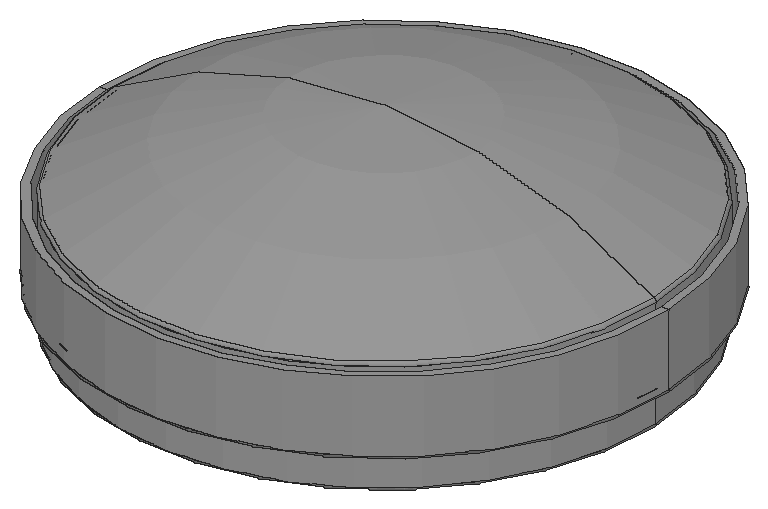
Revit family "3034787 Sylvania Lighting Fixture GIOTTO305 LED G2 3000K RECESSED 1-10V EMERGENCY", category Lighting Fixtures, host Face, Revit 2016
Family settings
  Host = Face
  Part Type = Normal
  Round Connector Dimension = Use Diameter
  OmniClass Number = 23.80.70.00
  OmniClass Title = Lighting
  Cut with Voids When Loaded = No
  Light Source = Yes
  Shared = No
  Room Calculation Point = No
Parameters (values of type "3034787 GIOTTO305 LED G2 3000K RECESSED 1-10V EMERGENCY Emergency mode")
  Weight = "1.41 kg"
  Wattage Comments = ""
  Wattage = 20 W
  WarrantyStartDate [instance] = "n/a"
  WarrantyGuarantorParts = "n/a"
  WarrantyDurationUnit = "n/a"
  WarrantyDurationParts = "n/a"
  WarrantyDescription = "n/a"
  built-in parameter 1150110 = 1 (stored number, unit not read)
  Voltage = 0 V
  URL = "http://www.sylvania-lighting.com"
  TypeName = "GIOTTO305 LED G2 3000K RECESSED 1-10V EMERGENCY Emergency mode"
  Type Image = <None>
  Type Comments = "n/a"
  built-in parameter 1114217 = 1 (stored number, unit not read)
  Tilt Angle = -90.00°
  built-in parameter 1150109 = 1 (stored number, unit not read)
  built-in parameter 1150134 = (empty or 0)
  built-in parameter 1150113 = 1 (stored number, unit not read)
  SerialNumber [instance] = "n/a"
  Photometric Web File = "3034787EM.ies"
  Material_3_SYL = LED-Sylvania
  PowerFactor = 0
  PowerConsumption = "20 W"
  NominalLength = 305 mm
  NominalHeight = 104 mm
  NominalDepth = 305 mm
  Name = "GIOTTO305 LED G2 3000K RECESSED 1-10V EMERGENCY Emergency mode"
  ModelReference = Name  # "GIOTTO305 LED G2 3000K RECESSED 1-10V EMERGENCY Emergency mode"
  ModelNumber = "3034787"
  Model = Name  # "GIOTTO305 LED G2 3000K RECESSED 1-10V EMERGENCY Emergency mode"
  Material = "polycarbonate housing, polycarbonate diffuser"
  ManufacturerName = "Feilo Sylvania"
  Manufacturer = "Feilo Sylvania"
  LuminousEfficacy = "5.45 lm/W"
  built-in parameter 1150105 = 8.6739 (stored number, unit not read)
  Lumens = 109 lm
  LuminaireType = ""
  built-in parameter 1150115 = 1 (stored number, unit not read)
  LightOutputRatio = "n/a"
  built-in parameter 1150137 = (empty or 0)
  built-in parameter 1150139 = (empty or 0)
  LampsType = Lamp  # "LED"
  LampNominalLuminous = "109 lm"
  LampMacAdamStep = "n/a"
  LampColourTemperature = "3000 K"
  LampColourRenderingIndex = "80"
  built-in parameter 1150112 = 1 (stored number, unit not read)
  built-in parameter 1150114 = 1 (stored number, unit not read)
  Lamp = "LED"
  Keynote = "16500"
  InstallationDate [instance] = "n/a"
  InputVoltage = "n/a"
  InputNominalFrequency = "n/a"
  built-in parameter 1150132 = (empty or 0)
  built-in parameter 1150102 = (empty or 0)
  built-in parameter 1150107 = 3000 (stored number, unit not read)
  built-in parameter 1150138 = (empty or 0)
  IngressProtection = "IP44"
  ImpactProtectionIndex = "IK10"
  built-in parameter 1150106 = 0.086739 (stored number, unit not read)
  IfcExportType = "IfcLightFixtureType"
  IfcExportAs = "IfcLightFixtureType"
  Height_SYL = 104 mm
  ExpectedLife = 50000
  Emit from Circle Diameter = 317 mm
  Emit Shape Visible in Rendering = no
  ElectricShockClassification = "Class I"
  built-in parameter 1150104 = 0.50632 (stored number, unit not read)
  DurationUnit = "hours"
  DocumentationLiterature = "http://www.sylvania-lighting.com/product/en-int/products/3034787"
  DimmingControlOptions = "n/a"
  Material_2_SYL = Polycarbonate_Sylvania_Giotto_Opal
  Dimming Lamp Color Temperature Shift = <None>
  DiffuserRadius_SYL = 282.611 mm
  Diameter_SYL = 305 mm
  Description = "Ambient and decorative round, recessed mounted LED bulkhead luminaire. White robust polycarbonate body with opal diffuser, 1490 lm, 20W, 75lm/W, 3000K, CRI 80, 1-10V dimmable, integral 3 hour maintained emergency, 50,000 hours lumen maintenance. Drive current: 700mA, IP44, IK10, Class I, 220-240V, Energy class: A++, A+, A."
  Default Elevation = 1219.2 mm
  CreatedOn = "11/7/2018"
  CreatedBy = "@sylvania-lighting.com"
  Cost = 0
  Color Filter = 16777215
  built-in parameter 1114216 [instance] = (empty or 0)
  ClassificationValue = "EF_70_80"
  ClassificationName = "Uniclass2015"
  Material_1_SYL = Polycarbonate_Sylvania_Giotto_White
  BarCode [instance] = "n/a"
  built-in parameter 1114218 = 1 (stored number, unit not read)
  built-in parameter 1150133 = 10 (stored number, unit not read)
  AssetType = "Fixed"
  AssetIdentifier [instance] = "n/a"
  Assembly Code = "D5020200"
  Apparent Load = 20 VA
  Material_4_SYL = none
Types (2, lengths in mm): name | TypeName | Photometric Web File | Name | ModelReference | Model | LuminousEfficacy | built-in parameter 1150105 | Lumens | LampNominalLuminous | built-in parameter 1150106 | built-in parameter 1150104
  3034787 GIOTTO305 LED G2 3000K RECESSED 1-10V EMERGENCY Emergency mode | "GIOTTO305 LED G2 3000K RECESSED 1-10V EMERGENCY Emergency mode" | "3034787EM.ies" | "GIOTTO305 LED G2 3000K RECESSED 1-10V EMERGENCY Emergency mode" | "GIOTTO305 LED G2 3000K RECESSED 1-10V EMERGENCY Emergency mode" | "GIOTTO305 LED G2 3000K RECESSED 1-10V EMERGENCY Emergency mode" | "5.45 lm/W" | 8.6739 (stored number, unit not read) | 109 lm | "109 lm" | 0.086739 (stored number, unit not read) | 0.50632 (stored number, unit not read)
  3034787 GIOTTO305 LED G2 3000K RECESSED 1-10V EMERGENCY | "GIOTTO305 LED G2 3000K RECESSED 1-10V EMERGENCY" | "3034787.ies" | "GIOTTO305 LED G2 3000K RECESSED 1-10V EMERGENCY" | "GIOTTO305 LED G2 3000K RECESSED 1-10V EMERGENCY" | "GIOTTO305 LED G2 3000K RECESSED 1-10V EMERGENCY" | "75 lm/W" | 119.37 (stored number, unit not read) | 1500 lm | "1490 lm" | 1.1937 (stored number, unit not read) | 6.9677 (stored number, unit not read)
Reference planes
  plane 1 "Center (Front/Back)": y = 0
  plane 2: z = 0
  plane 3 "Center (Left/Right)": x = 0
  plane 4: x = 152.5
  plane 5: x = -152.5
  plane 6: x = -145.5
  plane 7: x = -148.5
  plane 8: z = 104
  plane 9: z = 59
  plane 10: z = 19
  plane 11: z = 24
  plane 12: x = -150.9
  plane 13: z = 20.6
  plane 14: z = 1.6
  plane 15: x = -143.9
  plane 16: z = 18
  plane 17: x = -146.5
  plane 18: z = 25
  plane 19: z = 61
Forms (mm)
  Revolve 1, solid, material "Polycarbonate_Sylvania_Giotto_White" <- "Material_1_SYL"
    sketch origin (0, 0, 0) x (1, 0, 0) y (0, 0, 1)
      loop
        line (0, 0) -> (0, 25) -> (-143.9, 25) -> (-143.9, 24) -> (-148.5, 24) -> (-148.5, 59) -> (-152.5, 59) -> (-152.5, 20.6)
        arc (-152.5, 20.6) -> (-152.031, 19.469) -> (-150.9, 19) r 1.6
        line (-150.9, 19) -> (-146.5, 19)
        arc (-146.5, 19) -> (-145.793, 18.707) -> (-145.5, 18) r 1
        line (-145.5, 18) -> (-145.5, 1.6)
        arc (-145.5, 1.6) -> (-145.031, 0.469) -> (-143.9, 0) r 1.6
        line (-143.9, 0) -> (0, 0)
      axis (0, 59) -> (0, 0)
    angle from 360 to 0
  Revolve 2, solid, material "Polycarbonate_Sylvania_Giotto_Opal" <- "Material_2_SYL"
    sketch origin (0, 0, 0) x (1, 0, 0) y (0, 0, 1)
      loop
        line (-145.5, 24) -> (-143.9, 24) -> (-143.9, 59.636)
        arc (-143.9, 59.636) -> (-143.79, 60.068) -> (-143.485, 60.394) r 0.9
        arc (-143.485, 60.394) -> (-74.754, 91.683) -> (0, 102.4) r 266.066
        line (0, 102.4) -> (0, 104)
        arc (0, 104) -> (-75.203, 93.218) -> (-144.348, 61.742) r 267.666
        arc (-144.348, 61.742) -> (-145.193, 60.836) -> (-145.5, 59.636) r 2.5
        line (-145.5, 59.636) -> (-145.5, 24)
      axis (0, 104) -> (0, 24)
    angle from 360 to 0
Dimensions and locks
  equal spacing: plane 4, plane 3 "Center (Left/Right)", plane 5
  "Diameter_SYL": plane 4 to plane 5
  locked: plane 6 to plane 5 at 7
  locked: plane 7 to plane 5 at 4
  "Height_SYL": plane 8 to plane 2
  locked: plane 8 to plane 9 at 45
  locked: plane 9 to plane 10 at 40
  Revolve 1 sketch curve to Revolve 1 sketch curve = 4.4 mm
  locked: plane 11 to plane 10 at 5
  locked: plane 12 to plane 5 at 1.6
  locked: plane 13 to plane 10 at 1.6
  locked: plane 14 to plane 2 at 1.6
  locked: plane 15 to plane 6 at 1.6
  locked: plane 6 to plane 17 at 1
  locked: plane 10 to plane 16 at 1
  locked: plane 18 to plane 11 at 1
  locked: plane 19 to plane 9 at 2
  aligned and locked: plane 2 to host face
  aligned and locked: level to host face
  aligned and locked: Revolve 1 sketch curve to plane 3 "Center (Left/Right)"
  aligned and locked: level to Revolve 1 sketch curve
  aligned and locked: Revolve 1 sketch curve to plane 10
  aligned and locked: plane 9 to Revolve 1 sketch curve
  aligned and locked: Revolve 1 sketch curve to plane 7
  aligned and locked: plane 12 to Revolve 1 sketch curve  (x2)
  aligned and locked: plane 13 to Revolve 1 sketch curve  (x2)
  aligned and locked: plane 15 to Revolve 1 sketch curve  (x3)
  aligned and locked: plane 14 to Revolve 1 sketch curve  (x2)
  aligned and locked: plane 3 "Center (Left/Right)" to imposter light
  aligned and locked: imposter light to plane 1 "Center (Front/Back)"
  aligned and locked: plane 18 to Revolve 1 sketch curve
  aligned and locked: plane 11 to Revolve 1 sketch curve
  aligned and locked: imposter light to plane 8
  aligned and locked: plane 6 to Revolve 1 sketch curve
  aligned and locked: plane 17 to Revolve 1 sketch curve
  aligned and locked: plane 16 to Revolve 1 sketch curve
  aligned and locked: Revolve 2 sketch curve to plane 3 "Center (Left/Right)"
  aligned and locked: plane 6 to Revolve 2 sketch curve
  aligned and locked: plane 3 "Center (Left/Right)" to Revolve 2 sketch curve
  aligned and locked: plane 11 to Revolve 2 sketch curve
  aligned and locked: Revolve 2 sketch curve to imposter light
Automatic sketch dimensions
  host sketch curve to host sketch curve = 2438.4 mm  (x2)
  Revolve 1 sketch curve to plane 3 "Center (Left/Right)" = 0 mm
  Revolve 1 sketch curve to level = 609.6 mm
  Revolve 1 sketch curve to plane 8 = 2499.058 mm
  Revolve 2 sketch curve to Revolve 2 sketch curve = 0 mm  (x4)
  Revolve 2 sketch curve to plane 15 = 0 mm
  Revolve 2 sketch curve to plane 8 = 0 mm
  plane 15 to Revolve 2 sketch curve = 0.9 mm
  Revolve 2 sketch curve to level = 163.666 mm
  Revolve 2 sketch curve to plane 9 = 0.636 mm
  Revolve 2 sketch curve to Revolve 2 sketch curve = 445.934 mm
  Revolve 2 sketch curve to plane 8 = 2505.058 mm
Connectors
  electrical at (0, 0, 0), driven by "Apparent Load", driven by "PowerFactor", driven by "Voltage"
    settings: index 1, voltage 0 V, apparent load 20 VA, apparent load phase1 0 VA, apparent load phase2 0 VA, apparent load phase3 0 VA, power factor 0, load classification "Lighting", number of poles 1, system type 30, power factor state 1, is connector primary yes, connector utility no, sub classification motor no, connector description ""
